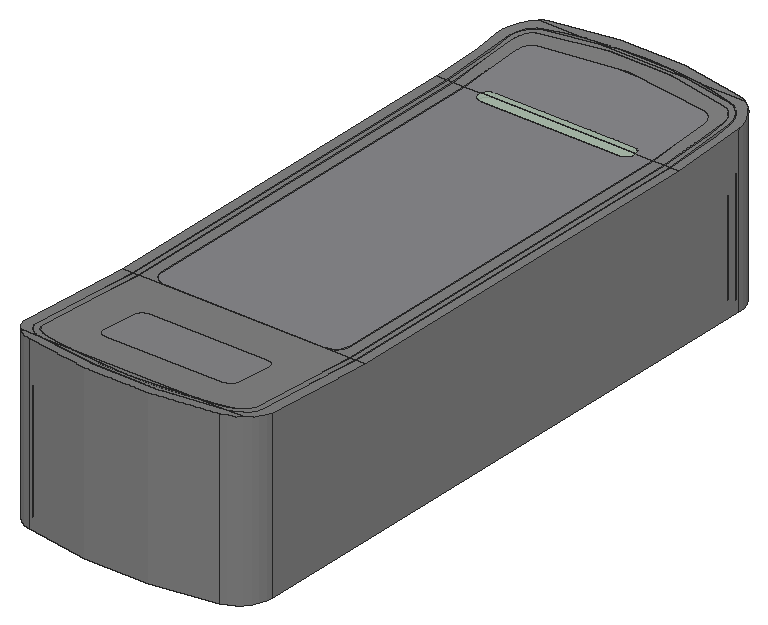
Revit family "Smartcard Reader_Farpointe_CSR-35_R19", category Security Devices, host Face, Revit 2019
Family settings
  Host = Face
  Maintain Annotation Orientation = No
  Round Connector Dimension = Use Diameter
  Part Type = Normal
  Cut with Voids When Loaded = No
  Shared = No
  Room Calculation Point = No
Parameters (values of type "Mullion")
  Width = 1.7"
  URL - Quick Start Guides [instance] = "http://farpointedata.com/downloads/qsg_and_ref/Conekt_QSG.pdf"
  URL - Mounting Guides Letter Size [instance] = "http://farpointedata.com/downloads/mounting_guides/MountingGuide_CSR35_Ltr.pdf"
  URL - Mounting Guides A4 Size [instance] = "N/A"
  URL - Data Sheets [instance] = "http://farpointedata.com/downloads/datasheets/CSR35_Conekt_TDS.pdf"
  URL - Bid Specifications [instance] = "http://farpointedata.com/downloads/bid_specs/Farpointe_Conekt_CSI_MF14_Specification.docx"
  URL = "http://www.farpointedata.com/"
  PLATE = no
  Manufacturer = "Farpointe Data"  # constant formula
  Height = 4.7"
  Depth = 1.2"
  Default Elevation = 48"
Types (3): name | Width | PLATE | Height
  (no name) | 1.7" | no | 4.7"
  Mullion | 1.7" | no | 4.7"
  Switch Plate | 3" | yes | 5.1"
Reference planes (in)
  plane 1 "Center (Front/Back)": y = 0
  plane 2: z = 0
  plane 3 "Center (Left/Right)": x = 0
  plane 4: x = -0.85
  plane 5: x = 0.85
  plane 6: y = 2.35
  plane 7: y = -2.35
  plane 8: z = 1.2
Dimensions and locks (in)
  equal spacing: plane 7, plane 1 "Center (Front/Back)", plane 6
  equal spacing: plane 4, plane 3 "Center (Left/Right)", plane 5
  "Height": plane 7 to plane 6
  "Width": plane 4 to plane 5
  "Depth": plane 8 to level
  aligned and locked: plane 2 to host face
  aligned and locked: level to host face
Automatic sketch dimensions
  host sketch curve to host sketch curve = 8.0501"
  host sketch curve to host sketch curve = 10.15159"
Nested families (in)
  nested 1: "Farpointe_CSR35_MULLION_R16" at (0, 0, 0), type "MULLION"
    with URL - Quick Start Guides "", URL - Mounting Guides Letter Size "", URL - Mounting Guides A4 Size "", URL - Data Sheets "", URL - Bid Specifications "", Plastic_Matte Plastic - Matte Black, Plastic_Gloss Plastic - Gloss Black, LED LED
  nested 2: "Farpointe_CSR35_PLATE_R16" at (0, 0, 0), visible <- "PLATE", type "MULLION"
    with URL - Quick Start Guides "", URL - Mounting Guides Letter Size "", URL - Mounting Guides A4 Size "", URL - Data Sheets "", URL - Bid Specifications "", Plastic_Matte Plastic - Matte Black, Plastic_Gloss Plastic - Gloss Black, LED LED
Definition of nested family "Farpointe_CSR35_MULLION_R16"
  Parameters (values of type "MULLION")
    Width = 1.7"
    URL - Quick Start Guides [instance] = ""
    URL - Mounting Guides Letter Size [instance] = ""
    URL - Mounting Guides A4 Size [instance] = ""
    URL - Data Sheets [instance] = ""
    URL - Bid Specifications [instance] = ""
    URL = "http://www.farpointedata.com/"
    Plastic_Matte [instance] = none
    Manufacturer = "Farpointe Data"  # constant formula
    LED [instance] = none
    Height = 4.7"
    Plastic_Gloss [instance] = none
    Depth = 1.2"
    Default Elevation = 48"
  Reference planes (in)
    plane 1 "Center (Front/Back)": y = 0
    plane 2: z = 0
    plane 3 "Center (Left/Right)": x = 0
    plane 4: x = -0.85
    plane 5: x = 0.85
    plane 6: y = 2.35
    plane 7: y = -2.35
    plane 8: z = 1.2
    plane 9: x = -0.71562
    plane 10: x = 0.71563
    plane 11: x = -0.71562
    plane 12: x = 0.71563
    plane 13: x = -0.71562
    plane 14: x = 0.71563
    plane 15: x = -0.71562
    plane 16: x = 0.71563
    plane 17: x = -0.71562
    plane 18: x = 0.71563
    plane 19: x = -0.71562
    plane 20: x = 0.71563
  Forms (in)
    Extrusion 1, solid
      sketch origin (0, 0, 0) x (1, 0, 0) y (0, 1, 0)
        loop
          line (-48, 48) -> (-48, -48) -> (48, -48) -> (48, 48) -> (-48, 48)
      from 0 to -12
    Extrusion 2, solid, material <- "Plastic_Gloss"
      sketch origin (0, 0, 0) x (1, 0, 0) y (0, 1, 0)
        loop
          arc (-0.66774, 2.27156) -> (-0.79894, 2.18781) -> (-0.85, 2.04077) r 0.23724
          line (-0.85, 2.04077) -> (-0.85, -2.04077)
          arc (-0.85, -2.04077) -> (-0.79894, -2.18781) -> (-0.66774, -2.27156) r 0.23724
          arc (-0.66774, -2.27156) -> (0, -2.35) -> (0.66774, -2.27156) r 2.88123
          arc (0.66774, -2.27156) -> (0.79894, -2.18781) -> (0.85, -2.04077) r 0.23724
          line (0.85, -2.04077) -> (0.85, 2.04077)
          arc (0.85, 2.04077) -> (0.79894, 2.18781) -> (0.66774, 2.27156) r 0.23724
          arc (0.66774, 2.27156) -> (0, 2.35) -> (-0.66774, 2.27156) r 2.88123
        loop
          arc (-0.65152, 2.20346) -> (-0.74401, 2.14443) -> (-0.78, 2.04077) r 0.16724
          line (-0.78, 2.04077) -> (-0.78, -2.04077)
          arc (-0.78, -2.04077) -> (-0.74401, -2.14443) -> (-0.65152, -2.20346) r 0.16724
          arc (-0.65152, -2.20346) -> (0, -2.28) -> (0.65152, -2.20346) r 2.81123
          arc (0.65152, -2.20346) -> (0.74401, -2.14443) -> (0.78, -2.04077) r 0.16724
          line (0.78, -2.04077) -> (0.78, 2.04077)
          arc (0.78, 2.04077) -> (0.74401, 2.14443) -> (0.65152, 2.20346) r 0.16724
          arc (0.65152, 2.20346) -> (0, 2.28) -> (-0.65152, 2.20346) r 2.81123
      from 0 to 1.2
    Extrusion 3, solid, material <- "Plastic_Gloss"
      sketch origin (0, 0, 0) x (1, 0, 0) y (0, 1, 0)
        loop
          arc (-0.65152, 2.20346) -> (-0.74401, 2.14443) -> (-0.78, 2.04077) r 0.16724
          line (-0.78, 2.04077) -> (-0.78, -2.04077)
          arc (-0.78, -2.04077) -> (-0.74401, -2.14443) -> (-0.65152, -2.20346) r 0.16724
          arc (-0.65152, -2.20346) -> (0, -2.28) -> (0.65152, -2.20346) r 2.81123
          arc (0.65152, -2.20346) -> (0.74401, -2.14443) -> (0.78, -2.04077) r 0.16724
          line (0.78, -2.04077) -> (0.78, 2.04077)
          arc (0.78, 2.04077) -> (0.74401, 2.14443) -> (0.65152, 2.20346) r 0.16724
          arc (0.65152, 2.20346) -> (0, 2.28) -> (-0.65152, 2.20346) r 2.81123
        loop
          arc (-0.64225, 2.16455) -> (-0.71262, 2.11964) -> (-0.74, 2.04077) r 0.12724
          line (-0.74, 2.04077) -> (-0.74, -2.04077)
          arc (-0.74, -2.04077) -> (-0.71262, -2.11964) -> (-0.64225, -2.16455) r 0.12724
          arc (-0.64225, -2.16455) -> (0, -2.24) -> (0.64225, -2.16455) r 2.77123
          arc (0.64225, -2.16455) -> (0.71262, -2.11964) -> (0.74, -2.04077) r 0.12724
          line (0.74, -2.04077) -> (0.74, 2.04077)
          arc (0.74, 2.04077) -> (0.71262, 2.11964) -> (0.64225, 2.16455) r 0.12724
          arc (0.64225, 2.16455) -> (0, 2.24) -> (-0.64225, 2.16455) r 2.77123
      from 0 to 1.2
    Extrusion 4, solid, material <- "Plastic_Gloss"
      sketch origin (0, 0, 0) x (1, 0, 0) y (0, 1, 0)
        loop
          arc (-0.64225, 2.16455) -> (-0.71262, 2.11964) -> (-0.74, 2.04077) r 0.12724
          line (-0.74, 2.04077) -> (-0.74, -2.04077)
          arc (-0.74, -2.04077) -> (-0.71262, -2.11964) -> (-0.64225, -2.16455) r 0.12724
          arc (-0.64225, -2.16455) -> (0, -2.24) -> (0.64225, -2.16455) r 2.77123
          arc (0.64225, -2.16455) -> (0.71262, -2.11964) -> (0.74, -2.04077) r 0.12724
          line (0.74, -2.04077) -> (0.74, 2.04077)
          arc (0.74, 2.04077) -> (0.71262, 2.11964) -> (0.64225, 2.16455) r 0.12724
          arc (0.64225, 2.16455) -> (0, 2.24) -> (-0.64225, 2.16455) r 2.77123
        loop
          arc (-0.58278, 2.07565) -> (-0.63901, 2.04058) -> (-0.66096, 1.97806) r 0.1
          line (-0.66096, 1.97806) -> (-0.66096, -1.12207)
          arc (-0.66096, -1.12207) -> (-0.63168, -1.19278) -> (-0.56096, -1.22207) r 0.1
          line (-0.56096, -1.22207) -> (0.56096, -1.22207)
          arc (0.56096, -1.22207) -> (0.63168, -1.19278) -> (0.66096, -1.12207) r 0.1
          line (0.66096, -1.12207) -> (0.66096, 1.97806)
          arc (0.66096, 1.97806) -> (0.63901, 2.04058) -> (0.58278, 2.07565) r 0.1
          arc (0.58278, 2.07565) -> (0, 2.14) -> (-0.58278, 2.07565) r 2.67123
        loop
          arc (-0.41086, -1.53207) -> (-0.45506, -1.55038) -> (-0.47336, -1.59457) r 0.0625
          line (-0.47336, -1.59457) -> (-0.47336, -1.8675)
          arc (-0.47336, -1.8675) -> (-0.45506, -1.91169) -> (-0.41086, -1.93) r 0.0625
          line (-0.41086, -1.93) -> (0.41086, -1.93)
          arc (0.41086, -1.93) -> (0.45506, -1.91169) -> (0.47336, -1.8675) r 0.0625
          line (0.47336, -1.8675) -> (0.47336, -1.59457)
          arc (0.47336, -1.59457) -> (0.45506, -1.55038) -> (0.41086, -1.53207) r 0.0625
          line (0.41086, -1.53207) -> (-0.41086, -1.53207)
      from 0 to 1.2
    Extrusion 5, solid, material <- "Plastic_Matte"
      sketch origin (0, 0, 0) x (1, 0, 0) y (0, 1, 0)
        loop
          arc (-0.58278, 2.07565) -> (-0.63901, 2.04058) -> (-0.66096, 1.97806) r 0.1
          line (-0.66096, 1.97806) -> (-0.66096, -1.12207)
          arc (-0.66096, -1.12207) -> (-0.63168, -1.19278) -> (-0.56096, -1.22207) r 0.1
          line (-0.56096, -1.22207) -> (0.56096, -1.22207)
          arc (0.56096, -1.22207) -> (0.63168, -1.19278) -> (0.66096, -1.12207) r 0.1
          line (0.66096, -1.12207) -> (0.66096, 1.97806)
          arc (0.66096, 1.97806) -> (0.63901, 2.04058) -> (0.58278, 2.07565) r 0.1
          arc (0.58278, 2.07565) -> (0, 2.14) -> (-0.58278, 2.07565) r 2.67123
        loop
          line (0.48286, 1.57518) -> (-0.48286, 1.57518)
          arc (-0.48286, 1.57518) -> (-0.54476, 1.51329) -> (-0.48286, 1.4514) r 0.06189
          line (-0.48286, 1.4514) -> (0.48286, 1.4514)
          arc (0.48286, 1.4514) -> (0.54476, 1.51329) -> (0.48286, 1.57518) r 0.06189
        loop
          arc (-0.41086, -1.53207) -> (-0.45506, -1.55038) -> (-0.47336, -1.59457) r 0.0625
          line (-0.47336, -1.59457) -> (-0.47336, -1.8675)
          arc (-0.47336, -1.8675) -> (-0.45506, -1.91169) -> (-0.41086, -1.93) r 0.0625
          line (-0.41086, -1.93) -> (0.41086, -1.93)
          arc (0.41086, -1.93) -> (0.45506, -1.91169) -> (0.47336, -1.8675) r 0.0625
          line (0.47336, -1.8675) -> (0.47336, -1.59457)
          arc (0.47336, -1.59457) -> (0.45506, -1.55038) -> (0.41086, -1.53207) r 0.0625
          line (0.41086, -1.53207) -> (-0.41086, -1.53207)
      from 0 to 1.2
    Extrusion 6, solid, material <- "LED"
      sketch origin (0, 0, 0) x (1, 0, 0) y (0, 1, 0)
        loop
          line (0.48286, 1.57518) -> (-0.48286, 1.57518)
          arc (-0.48286, 1.57518) -> (-0.54476, 1.51329) -> (-0.48286, 1.4514) r 0.06189
          line (-0.48286, 1.4514) -> (0.48286, 1.4514)
          arc (0.48286, 1.4514) -> (0.54476, 1.51329) -> (0.48286, 1.57518) r 0.06189
      from 1.08089 to 1.2
    Extrusion 7, void
      sketch origin (0, 0, 0) x (0, 1, 0) y (0, 0, 1)
        loop
          line (-1.22367, 1.10847) -> (1.52633, 1.10847)
          arc (1.52633, 1.10847) -> (1.89088, 1.12803) -> (2.25125, 1.18648) r 3.40728
          arc (2.25125, 1.18648) -> (2.43941, 1.19273) -> (2.61756, 1.13186) r 0.52234
          arc (2.61756, 1.13186) -> (2.7148, 1.14927) -> (2.71664, 1.24804) r 0.07783
          arc (2.71664, 1.24804) -> (2.53201, 1.53935) -> (2.41153, 1.86251) r 1.66069
          arc (2.41153, 1.86251) -> (1.08419, 2.25443) -> (-0.27026, 1.96999) r 2.82973
          arc (-0.27026, 1.96999) -> (-1.20244, 1.64322) -> (-2.18672, 1.72634) r 2.36145
          arc (-2.18672, 1.72634) -> (-2.56402, 1.56803) -> (-2.97212, 1.59755) r 0.87961
          arc (-2.97212, 1.59755) -> (-3.29584, 1.36078) -> (-2.97254, 1.12344) r 0.24861
          arc (-2.97254, 1.12344) -> (-2.5914, 1.19715) -> (-2.20346, 1.18272) r 1.70477
          arc (-2.20346, 1.18272) -> (-1.71497, 1.12706) -> (-1.22367, 1.10847) r 6.50153
      from -1.37394 to 1.04822
    Extrusion 8, solid, material <- "Plastic_Matte"
      sketch origin (0, 0, 0) x (1, 0, 0) y (0, 1, 0)
        loop
          line (0.48286, 1.57518) -> (-0.48286, 1.57518)
          arc (-0.48286, 1.57518) -> (-0.54476, 1.51329) -> (-0.48286, 1.4514) r 0.06189
          line (-0.48286, 1.4514) -> (0.48286, 1.4514)
          arc (0.48286, 1.4514) -> (0.54476, 1.51329) -> (0.48286, 1.57518) r 0.06189
      from 0 to 1.08089
  Cuts and joins
    Extrusion 7 cuts Extrusion 3
    Extrusion 7 cuts Extrusion 6
    Extrusion 7 cuts Extrusion 2
    Extrusion 7 cuts Extrusion 4
    Extrusion 7 cuts Extrusion 5
  Dimensions and locks (in)
    equal spacing: plane 7, plane 1 "Center (Front/Back)", plane 6
    equal spacing: plane 4, plane 3 "Center (Left/Right)", plane 5
    "Height": plane 7 to plane 6
    "Width": plane 4 to plane 5
    "Depth": plane 8 to level
    aligned and locked: plane 2 to Extrusion 1
    aligned and locked: level to Extrusion 1
  Automatic sketch dimensions
    Extrusion 1 sketch curve to Extrusion 1 sketch curve = 96"  (x2)
    Extrusion 2 sketch curve to plane 3 "Center (Left/Right)" = 0"  (x2)
    Extrusion 2 sketch curve to plane 5 = 0"
    Extrusion 2 sketch curve to plane 9 = 0.10286"
    Extrusion 2 sketch curve to plane 10 = 0.10286"  (x2)
    Extrusion 2 sketch curve to plane 7 = 0.30923"
    plane 6 to Extrusion 2 sketch curve = 0.30923"
    Extrusion 2 sketch curve to plane 10 = 0.04788"  (x2)
    Extrusion 2 sketch curve to Extrusion 2 sketch curve = 0"  (x15)
    Extrusion 2 sketch curve to plane 4 = 0"
    Extrusion 2 sketch curve to Extrusion 2 sketch curve = 0.01622"  (x7)
    Extrusion 2 sketch curve to Extrusion 2 sketch curve = 0.06809"
    Extrusion 3 sketch curve to plane 3 "Center (Left/Right)" = 0"  (x2)
    plane 11 to Extrusion 3 sketch curve = 0.06437"
    Extrusion 3 sketch curve to plane 11 = 0.10286"  (x2)
    Extrusion 3 sketch curve to plane 12 = 0.10286"  (x2)
    plane 12 to Extrusion 3 sketch curve = 0.06438"
    Extrusion 3 sketch curve to plane 7 = 0.30923"
    plane 6 to Extrusion 3 sketch curve = 0.30923"
    Extrusion 3 sketch curve to Extrusion 3 sketch curve = 0"  (x14)
    Extrusion 3 sketch curve to Extrusion 3 sketch curve = 0.00927"  (x7)
    Extrusion 3 sketch curve to Extrusion 3 sketch curve = 0.03891"
    Extrusion 5 sketch curve to plane 3 "Center (Left/Right)" = 0"
    Extrusion 5 sketch curve to plane 15 = 0.23276"
    Extrusion 5 sketch curve to plane 15 = 0.15466"  (x2)
    Extrusion 5 sketch curve to plane 15 = 0.05466"
    Extrusion 5 sketch curve to plane 16 = 0.23276"
    Extrusion 5 sketch curve to plane 16 = 0.15466"  (x2)
    Extrusion 5 sketch curve to plane 16 = 0.05466"
    Extrusion 5 sketch curve to plane 7 = 1.12793"
    plane 1 "Center (Front/Back)" to Extrusion 5 sketch curve = 0.53123"
    plane 6 to Extrusion 5 sketch curve = 0.8986"
    Extrusion 5 sketch curve to Extrusion 5 sketch curve = 0.06189"
    plane 6 to Extrusion 5 sketch curve = 0.37194"  (x2)
    Extrusion 5 sketch curve to Extrusion 5 sketch curve = 0"
    Extrusion 6 sketch curve to plane 17 = 0.23276"
    Extrusion 6 sketch curve to plane 18 = 0.23276"
    plane 6 to Extrusion 6 sketch curve = 0.8986"
    Extrusion 6 sketch curve to Extrusion 6 sketch curve = 0.06189"
    Extrusion 8 sketch curve to plane 19 = 0.23276"
    Extrusion 8 sketch curve to plane 20 = 0.23276"
    plane 6 to Extrusion 8 sketch curve = 0.8986"
    Extrusion 8 sketch curve to Extrusion 8 sketch curve = 0.06189"
    Extrusion 4 sketch curve to Extrusion 4 sketch curve = 0"  (x7)
    Extrusion 4 sketch curve to plane 3 "Center (Left/Right)" = 0"  (x2)
    Extrusion 4 sketch curve to plane 3 "Center (Left/Right)" = 0.41086"
    Extrusion 4 sketch curve to plane 13 = 0.15466"  (x2)
    Extrusion 4 sketch curve to plane 13 = 0.10286"
    Extrusion 4 sketch curve to Extrusion 4 sketch curve = 0.0518"  (x2)
    Extrusion 4 sketch curve to plane 13 = 0.05466"
    plane 13 to Extrusion 4 sketch curve = 0.02437"
    plane 3 "Center (Left/Right)" to Extrusion 4 sketch curve = 0.41086"
    Extrusion 4 sketch curve to Extrusion 4 sketch curve = 0.0625"  (x2)
    Extrusion 4 sketch curve to plane 14 = 0.15466"  (x2)
    Extrusion 4 sketch curve to plane 14 = 0.10286"
    Extrusion 4 sketch curve to plane 14 = 0.05466"
    plane 14 to Extrusion 4 sketch curve = 0.02438"
    Extrusion 4 sketch curve to plane 7 = 0.30923"  (x2)
    Extrusion 4 sketch curve to Extrusion 4 sketch curve = 0.11077"
    Extrusion 4 sketch curve to Extrusion 4 sketch curve = 0.27293"
    Extrusion 4 sketch curve to Extrusion 4 sketch curve = 0.31"
    plane 1 "Center (Front/Back)" to Extrusion 4 sketch curve = 0.53123"
    Extrusion 4 sketch curve to plane 1 "Center (Front/Back)" = 0.53123"
    plane 6 to Extrusion 4 sketch curve = 0.37194"  (x2)
    Extrusion 4 sketch curve to Extrusion 4 sketch curve = 0.06271"
    Extrusion 4 sketch curve to Extrusion 4 sketch curve = 0.03488"
    Extrusion 5 sketch curve to plane 15 = 0.24226"
    Extrusion 5 sketch curve to Extrusion 5 sketch curve = 0.0625"  (x3)
    Extrusion 5 sketch curve to plane 16 = 0.30476"  (x2)
    Extrusion 5 sketch curve to Extrusion 5 sketch curve = 0.31"
    Extrusion 5 sketch curve to Extrusion 5 sketch curve = 0.27293"
    plane 8 to Extrusion 7 sketch curve = 0.16056"
    plane 7 to Extrusion 7 sketch curve = 0.69723"
    plane 7 to Extrusion 7 sketch curve = 0.35635"
    plane 7 to Extrusion 7 sketch curve = 0.11037"
    Extrusion 7 sketch curve to plane 7 = 0.84974"
    Extrusion 7 sketch curve to plane 8 = 0.09153"
    Extrusion 7 sketch curve to plane 7 = 1.12633"
    Extrusion 7 sketch curve to level = 0.57303"
    Extrusion 7 sketch curve to plane 1 "Center (Front/Back)" = 0.97087"
    plane 6 to Extrusion 7 sketch curve = 0.82367"
    Extrusion 7 sketch curve to plane 6 = 0.01238"
    Extrusion 7 sketch curve to plane 8 = 0.00022"
    Extrusion 7 sketch curve to plane 6 = 0.30558"
    Extrusion 7 sketch curve to level = 0.50258"
    Extrusion 7 sketch curve to plane 8 = 0.52391"
    Extrusion 7 sketch curve to Extrusion 7 sketch curve = 1.07549"
    Extrusion 7 sketch curve to Extrusion 7 sketch curve = 0.52994"
    Extrusion 7 sketch curve to Extrusion 7 sketch curve = 3.62419"
    Extrusion 7 sketch curve to plane 8 = 0.07656"
    Extrusion 7 sketch curve to Extrusion 7 sketch curve = 0"  (x5)
    Extrusion 7 sketch curve to plane 7 = 0.16328"
    plane 1 "Center (Front/Back)" to Extrusion 7 sketch curve = 0.27026"
    Extrusion 7 sketch curve to plane 6 = 0.06153"
    plane 8 to Extrusion 7 sketch curve = 0.04804"
    Extrusion 7 sketch curve to Extrusion 7 sketch curve = 0.06106"
Definition of nested family "Farpointe_CSR35_PLATE_R16"
  Parameters (values of type "MULLION")
    Width = 3"
    URL - Quick Start Guides [instance] = ""
    URL - Mounting Guides Letter Size [instance] = ""
    URL - Mounting Guides A4 Size [instance] = ""
    URL - Data Sheets [instance] = ""
    URL - Bid Specifications [instance] = ""
    URL = "http://www.farpointedata.com/"
    Plastic_Matte [instance] = none
    Manufacturer = "Farpointe Data"  # constant formula
    LED [instance] = none
    Height = 5.1"
    Plastic_Gloss [instance] = none
    Depth = 1.2"
    Default Elevation = 48"
  Reference planes (in)
    plane 1 "Center (Front/Back)": y = 0
    plane 2: z = 0
    plane 3 "Center (Left/Right)": x = 0
    plane 4: x = -1.5
    plane 5: x = 1.5
    plane 6: y = 2.55
    plane 7: y = -2.55
    plane 8: z = 1.2
    plane 9: x = -0.71562
    plane 10: x = 0.71563
  Forms (in)
    Extrusion 1, solid
      sketch origin (0, 0, 0) x (1, 0, 0) y (0, 1, 0)
        loop
          line (-3, 5) -> (-3, -4.62308) -> (3.562, -4.62308) -> (3.562, 5) -> (-3, 5)
      from 0 to -0.74626
    Extrusion 2, solid, material <- "Plastic_Gloss"
      sketch origin (0, 0, 0) x (1, 0, 0) y (0, 1, 0)
        loop
          arc (-0.66774, 2.27156) -> (-0.79894, 2.18781) -> (-0.85, 2.04077) r 0.23724
          line (-0.85, 2.04077) -> (-0.85, -2.04077)
          arc (-0.85, -2.04077) -> (-0.79894, -2.18781) -> (-0.66774, -2.27156) r 0.23724
          arc (-0.66774, -2.27156) -> (0, -2.35) -> (0.66774, -2.27156) r 2.88123
          arc (0.66774, -2.27156) -> (0.79894, -2.18781) -> (0.85, -2.04077) r 0.23724
          line (0.85, -2.04077) -> (0.85, 2.04077)
          arc (0.85, 2.04077) -> (0.79894, 2.18781) -> (0.66774, 2.27156) r 0.23724
          arc (0.66774, 2.27156) -> (0, 2.35) -> (-0.66774, 2.27156) r 2.88123
        loop
          arc (-1.125, 2.55) -> (-1.39017, 2.44017) -> (-1.5, 2.175) r 0.375
          line (-1.5, 2.175) -> (-1.5, -2.175)
          arc (-1.5, -2.175) -> (-1.39017, -2.44017) -> (-1.125, -2.55) r 0.375
          line (-1.125, -2.55) -> (1.125, -2.55)
          arc (1.125, -2.55) -> (1.39017, -2.44017) -> (1.5, -2.175) r 0.375
          line (1.5, -2.175) -> (1.5, 2.175)
          arc (1.5, 2.175) -> (1.39017, 2.44017) -> (1.125, 2.55) r 0.375
          line (1.125, 2.55) -> (-1.125, 2.55)
      from 0 to 1.06761
    Sweep 3, void
      path origin (0, 0, 0) x (1, 0, 0) y (0, 1, 0)
        loop
          line (-1.125, -2.55) -> (1.125, -2.55)
          arc (1.125, -2.55) -> (1.39017, -2.44017) -> (1.5, -2.175) r 0.375
          line (1.5, -2.175) -> (1.5, 2.175)
          arc (1.5, 2.175) -> (1.39017, 2.44017) -> (1.125, 2.55) r 0.375
          line (1.125, 2.55) -> (-1.125, 2.55)
          arc (-1.125, 2.55) -> (-1.39017, 2.44017) -> (-1.5, 2.175) r 0.375
          line (-1.5, 2.175) -> (-1.5, -2.175)
          arc (-1.5, -2.175) -> (-1.39017, -2.44017) -> (-1.125, -2.55) r 0.375
      profile origin (0, -2.55, 0) x (0, 1, 0) y (0, 0, 1)
        loop
          arc (0, 0.92338) -> (0.04225, 1.02537) -> (0.14424, 1.06761) r 0.14424
          line (0.14424, 1.06761) -> (0, 1.06761) -> (0, 0.92338)
  Cuts and joins
    Sweep 3 cuts Extrusion 2
  Dimensions and locks (in)
    equal spacing: plane 7, plane 1 "Center (Front/Back)", plane 6
    equal spacing: plane 4, plane 3 "Center (Left/Right)", plane 5
    "Height": plane 7 to plane 6
    "Width": plane 4 to plane 5
    "Depth": plane 8 to level
    aligned and locked: plane 2 to Extrusion 1
    aligned and locked: level to Extrusion 1
  Automatic sketch dimensions
    Extrusion 1 sketch curve to Extrusion 1 sketch curve = 6.562"
    Extrusion 1 sketch curve to Extrusion 1 sketch curve = 9.62308"
    Extrusion 2 sketch curve to plane 4 = 0"
    plane 7 to Extrusion 2 sketch curve = 0"
    plane 6 to Extrusion 2 sketch curve = 0"
    Extrusion 2 sketch curve to plane 3 "Center (Left/Right)" = 0"  (x2)
    Extrusion 2 sketch curve to plane 5 = 0"
    plane 9 to Extrusion 2 sketch curve = 0.40937"
    plane 9 to Extrusion 2 sketch curve = 0.40938"
    plane 9 to Extrusion 2 sketch curve = 0.13437"
    Extrusion 2 sketch curve to plane 9 = 0.10286"  (x2)
    Extrusion 2 sketch curve to plane 10 = 0.10286"  (x2)
    plane 10 to Extrusion 2 sketch curve = 0.13438"
    plane 10 to Extrusion 2 sketch curve = 0.40937"  (x2)
    Extrusion 2 sketch curve to Extrusion 2 sketch curve = 0.13423"  (x4)
    plane 1 "Center (Front/Back)" to Extrusion 2 sketch curve = 0.53123"
    Extrusion 2 sketch curve to plane 1 "Center (Front/Back)" = 0.53123"
    Extrusion 2 sketch curve to plane 10 = 0.04788"  (x2)
    Extrusion 2 sketch curve to Extrusion 2 sketch curve = 0"  (x2)
    Sweep 3 sketch curve to plane 4 = 0"
    plane 7 to Sweep 3 sketch curve = 0"
    plane 6 to Sweep 3 sketch curve = 0"
    Sweep 3 sketch curve to plane 5 = 0"
    plane 4 to Sweep 3 sketch curve = 0.375"  (x2)
    Sweep 3 sketch curve to plane 5 = 0.375"
    Sweep 3 sketch curve to Sweep 3 sketch curve = 0.375"
    Sweep 3 sketch curve to profile plane = 0"
    Sweep 3 sketch curve to profile plane = 0.14424"
    level to Sweep 3 sketch curve = 0.92338"
